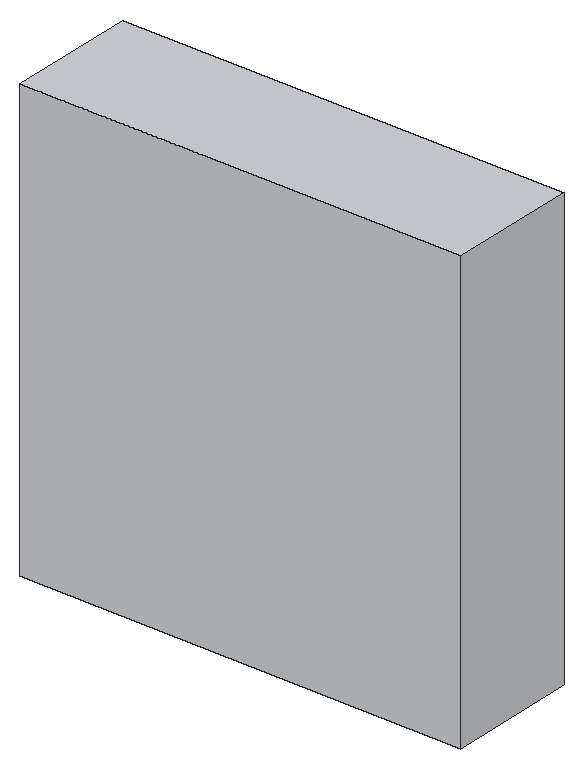
Revit family "TM_outlet_box", category Generic Models, Revit 2026
Family settings
  Can host rebar = No
  Round Connector Dimension = Use Diameter
  Part Type = Normal
  Work Plane-Based = No
  Always vertical = Yes
  Cut with Voids When Loaded = No
  Maintain Annotation Orientation = No
  Shared = No
  Room Calculation Point = No
Parameters (values of type "TM-SG125")
  Show TM-SG125 = yes
  Show TM-S44 = no
  Show TM-54151 = no
  Show TM-4040A = no
  Show TM-1299 = no
  Show TM-1102 = no
  Default Elevation = 0' - 0"
Types (6): name | Show TM-SG125 | Show TM-S44 | Show TM-54151 | Show TM-4040A | Show TM-1299 | Show TM-1102
  TM-1102 | no | no | no | no | no | yes
  TM-1299 | no | no | no | no | yes | no
  TM-4040A | no | no | no | yes | no | no
  TM-54151 | no | no | yes | no | no | no
  TM-S44 | no | yes | no | no | no | no
  TM-SG125 | yes | no | no | no | no | no
Reference planes (in)
  plane 1 "Center (Front/Back)": y = 0
  plane 2: z = 0
  plane 3 "Center (Left/Right)": x = 0
Forms (in)
  Extrusion 1, solid, visible <- "Show TM-1102"
    sketch origin (0, 0, 0) x (1, 0, 0) y (0, 1, 0)
      loop
        line (-1.83071, -1.02362) -> (1.83071, -1.02362) -> (1.83071, 1.02362) -> (-1.83071, 1.02362) -> (-1.83071, -1.02362)
    from 0 to 3.70079
  Extrusion 2, solid, visible <- "Show TM-1299"
    sketch origin (0, 0, 0) x (1, 0, 0) y (0, 1, 0)
      loop
        line (-1.45669, -0.68898) -> (1.45669, -0.68898) -> (1.45669, 0.68898) -> (-1.45669, 0.68898) -> (-1.45669, -0.68898)
    from 0 to 2.91339
  Extrusion 3, solid, visible <- "Show TM-4040A"
    sketch origin (0, 0, 0) x (1, 0, 0) y (0, 1, 0)
      loop
        line (-2.06693, -0.98425) -> (2.06693, -0.98425) -> (2.06693, 0.98425) -> (-2.06693, 0.98425) -> (-2.06693, -0.98425)
    from 0 to 4.13386
  Extrusion 4, solid, visible <- "Show TM-54151"
    sketch origin (0, 0, 0) x (1, 0, 0) y (0, 1, 0)
      loop
        line (-1.85039, -0.74803) -> (1.85039, -0.74803) -> (1.85039, 0.74803) -> (-1.85039, 0.74803) -> (-1.85039, -0.74803)
    from 0 to 3.70079
  Extrusion 5, solid, visible <- "Show TM-S44"
    sketch origin (0, 0, 0) x (1, 0, 0) y (0, 1, 0)
      loop
        line (-2.02756, -0.74803) -> (2.02756, -0.74803) -> (2.02756, 0.74803) -> (-2.02756, 0.74803) -> (-2.02756, -0.74803)
    from 0 to 4.05512
  Extrusion 6, solid, visible <- "Show TM-SG125"
    sketch origin (0, 0, 0) x (1, 0, 0) y (0, 1, 0)
      loop
        line (-1.41732, -0.41339) -> (1.41732, -0.41339) -> (1.41732, 0.41339) -> (-1.41732, 0.41339) -> (-1.41732, -0.41339)
    from 0 to 2.83465
Dimensions and locks (in)
  aligned and locked: plane 2 to level
